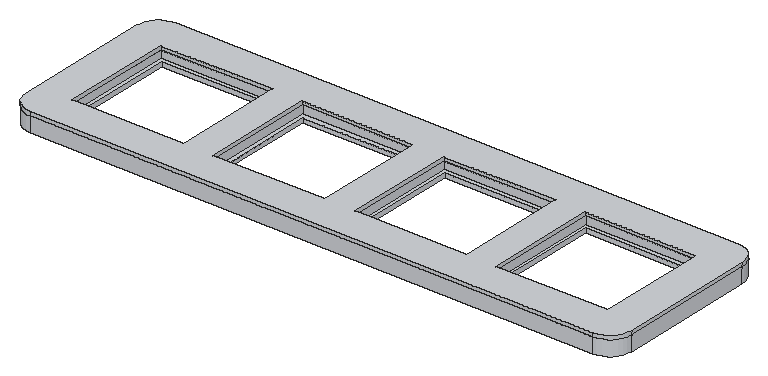
Revit family "Gira_0214410", category Electrical Fixtures, host Face, Revit 2017
Family settings
  Host = Face
  Maintain Annotation Orientation = No
  Round Connector Dimension = Use Diameter
  Part Type = Normal
  Cut with Voids When Loaded = No
  Shared = No
  Room Calculation Point = No
Parameters (values of type "Abdeckrahmen 4f Gira E3 Reinweiß/Reinweiß")
  Werkstoffgüte = "sonstige"
  Werkstoff = "sonstige"
  URL = "http://katalog.gira.de/de_DE/datenblatt.html?artikelnr=0214410"
  Transparent = "No"
  Textfeld/Beschriftungsfläche = "No"
  Schutzart (IP) = "IP20"
  Region = "DE"
  Oberfläche = "sonstige"
  Name = "Abdeckrahmen 4f Gira E3 Reinweiß/Reinweiß"
  Montagerichtung = "horizontal und vertikal"
  Mit Montagerahmen = "No"
  Mit Klappdeckel = "No"
  Manufacturer URL = "https://www.gira.de/"
  Keynote = "E3_Rahmen_4fach"
  HeinzeBIM = "https://bimportal.heinze.de/bim/abdeckrahmen-4f-gira-e3-reinweiss-reinweiss/a229ac8513172fbd7f0a29b68a1d8d6efa9cbac0"
  Halogenfrei = "Yes"
  HAN = "0214410"
  Geeignet für Unterputz-Installation = "Yes"
  Geeignet für Unterflurkanaldose = "No"
  Geeignet für Geräteeinbaukanal = "No"
  Geeignet für Einbauinstallation = "No"
  GTIN = "4010337023746"
  Farbe = "weiß"
  Default Elevation = 1219.2 mm
  Data sheet (1) = "https://katalog.gira.de/de_DE/download.html?artikelnr=0214410"
  Category = "Abdeckrahmen"
  Befestigungsart = "Klemmbefestigung"
  Available = "Yes"
  Anzahl der Einheiten vertikal = "4 "
  Anzahl der Einheiten horizontal = "4 "
  Anzahl der Einheiten = "4 "
Reference planes
  plane 1 "Center (Front/Back)": y = 0
  plane 2: z = 0
  plane 3 "Center (Left/Right)": x = 0
Forms (mm)
  Extrusion 1, solid, detail levels fine
    sketch origin (0, 0, 0) x (1, 0, 0) y (0, 1, 0)
      loop
        arc (-141.75, 45.809) -> (-149.535, 42.585) -> (-152.759, 34.8) r 11.009
        line (-152.759, 34.8) -> (-152.759, -34.8)
        arc (-152.759, -34.8) -> (-149.535, -42.585) -> (-141.75, -45.809) r 11.009
        line (-141.75, -45.809) -> (141.75, -45.809)
        arc (141.75, -45.809) -> (149.535, -42.585) -> (152.759, -34.8) r 11.009
        line (152.759, -34.8) -> (152.759, 34.8)
        arc (152.759, 34.8) -> (149.535, 42.585) -> (141.75, 45.809) r 11.009
        line (141.75, 45.809) -> (-141.75, 45.809)
      loop
        line (-78.85, 28.187) -> (-135.106, 28.187) -> (-135.106, -28.187) -> (-78.85, -28.187) -> (-78.85, 28.187)
      loop
        line (-63.95, 28.187) -> (-63.95, -28.187) -> (-7.695, -28.187) -> (-7.695, 28.187) -> (-63.95, 28.187)
      loop
        line (78.85, 28.187) -> (78.85, -28.187) -> (135.106, -28.187) -> (135.106, 28.187) -> (78.85, 28.187)
      loop
        line (63.95, 28.187) -> (7.695, 28.187) -> (7.695, -28.187) -> (63.95, -28.187) -> (63.95, 28.187)
    from 7.65 to 9.5
  Extrusion 2, solid, detail levels fine
    sketch origin (-107.15, 0, 0) x (1, 0, 0) y (0, 1, 0)
      loop
        line (26.1, 25.7) -> (-25.7, 25.7) -> (-25.7, -25.7) -> (26.1, -25.7) -> (26.1, 25.7)
      loop
        line (-28.187, -28.156) -> (28.187, -28.156) -> (28.187, 28.156) -> (-28.187, 28.156) -> (-28.187, -28.156)
    from 1.65 to 3.9
  Extrusion 3, solid, detail levels fine
    sketch origin (0, 0, 0) x (1, 0, 0) y (0, 1, 0)
      loop
        arc (-141.75, 45.809) -> (-149.535, 42.585) -> (-152.759, 34.8) r 11.009
        line (-152.759, 34.8) -> (-152.759, -34.8)
        arc (-152.759, -34.8) -> (-149.535, -42.585) -> (-141.75, -45.809) r 11.009
        line (-141.75, -45.809) -> (141.75, -45.809)
        arc (141.75, -45.809) -> (149.535, -42.585) -> (152.759, -34.8) r 11.009
        line (152.759, -34.8) -> (152.759, 34.8)
        arc (152.759, 34.8) -> (149.535, 42.585) -> (141.75, 45.809) r 11.009
        line (141.75, 45.809) -> (-141.75, 45.809)
      loop
        line (-150.793, 34.785) -> (-150.793, -34.785)
        arc (-150.793, -34.785) -> (-148.14, -41.19) -> (-141.735, -43.843) r 9.058
        line (-141.735, -43.843) -> (141.735, -43.843)
        arc (141.735, -43.843) -> (148.14, -41.19) -> (150.793, -34.785) r 9.058
        line (150.793, -34.785) -> (150.793, 34.785)
        arc (150.793, 34.785) -> (148.14, 41.19) -> (141.735, 43.843) r 9.058
        line (141.735, 43.843) -> (-141.735, 43.843)
        arc (-141.735, 43.843) -> (-148.14, 41.19) -> (-150.793, 34.785) r 9.058
    from 0 to 7.65
  Extrusion 4, solid, detail levels fine
    sketch origin (-35.75, 0, 0) x (1, 0, 0) y (0, 1, 0)
      loop
        line (-98.606, -31.075) -> (170.105, -31.075)
        arc (170.105, -31.075) -> (172.749, -29.98) -> (173.844, -27.337) r 3.739
        line (173.844, -27.337) -> (173.844, 27.337)
        arc (173.844, 27.337) -> (172.749, 29.98) -> (170.105, 31.075) r 3.739
        line (170.105, 31.075) -> (-98.606, 31.075)
        arc (-98.606, 31.075) -> (-101.249, 29.98) -> (-102.344, 27.337) r 3.739
        line (-102.344, 27.337) -> (-102.344, -27.337)
        arc (-102.344, -27.337) -> (-101.249, -29.98) -> (-98.606, -31.075) r 3.739
      loop
        line (-101.194, 27.537) -> (-101.194, -27.537)
        arc (-101.194, -27.537) -> (-100.495, -29.226) -> (-98.806, -29.925) r 2.389
        line (-98.806, -29.925) -> (170.305, -29.925)
        arc (170.305, -29.925) -> (171.994, -29.226) -> (172.694, -27.537) r 2.389
        line (172.694, -27.537) -> (172.694, 27.537)
        arc (172.694, 27.537) -> (171.994, 29.226) -> (170.305, 29.925) r 2.389
        line (170.305, 29.925) -> (-98.806, 29.925)
        arc (-98.806, 29.925) -> (-100.495, 29.226) -> (-101.194, 27.537) r 2.389
    from 1.65 to 7.65
  Extrusion 5, solid, detail levels fine
    sketch origin (0, 0, 0) x (1, 0, 0) y (0, 1, 0)
      loop
        line (-139.017, -39.8) -> (139.017, -39.8)
        arc (139.017, -39.8) -> (144.632, -36.708) -> (146.864, -30.7) r 9.2
        line (146.864, -30.7) -> (146.864, 30.7)
        arc (146.864, 30.7) -> (144.17, 37.205) -> (137.664, 39.9) r 9.2
        line (137.664, 39.9) -> (-137.664, 39.9)
        arc (-137.664, 39.9) -> (-144.17, 37.205) -> (-146.864, 30.7) r 9.2
        line (-146.864, 30.7) -> (-146.864, -30.7)
        arc (-146.864, -30.7) -> (-144.632, -36.708) -> (-139.017, -39.8) r 9.2
      loop
        line (-137.664, -31.7) -> (137.664, -31.7)
        arc (137.664, -31.7) -> (138.372, -31.407) -> (138.664, -30.7) r 1
        line (138.664, -30.7) -> (138.664, 30.7)
        arc (138.664, 30.7) -> (138.372, 31.407) -> (137.664, 31.7) r 1
        line (137.664, 31.7) -> (-137.664, 31.7)
        arc (-137.664, 31.7) -> (-138.372, 31.407) -> (-138.664, 30.7) r 1
        line (-138.664, 30.7) -> (-138.664, -30.7)
        arc (-138.664, -30.7) -> (-138.372, -31.407) -> (-137.664, -31.7) r 1
    from 1.65 to 3.9
  Extrusion 6, solid, detail levels fine
    sketch origin (-107.15, 0, 0) x (1, 0, 0) y (0, 1, 0)
      loop
        line (-28.187, 28.156) -> (-28.187, -28.156) -> (28.187, -28.156) -> (28.187, 28.156) -> (-28.187, 28.156)
      loop
        line (-29.925, 29.925) -> (-29.925, -29.925) -> (29.925, -29.925) -> (29.925, 29.925) -> (-29.925, 29.925)
    from 1.65 to 7.65
  Extrusion 7, solid, detail levels coarse+medium
    sketch origin (0, 0, 0) x (1, 0, 0) y (0, 1, 0)
      loop
        line (-152.759, 45.809) -> (-152.759, -45.809) -> (152.759, -45.809) -> (152.759, 45.809) -> (-152.759, 45.809)
    from 0 to 9.5
  Extrusion 8, solid, detail levels fine
    sketch origin (-35.65, 0, 0) x (-1, 0, 0) y (0, -1, 0)
      loop
        line (25.9, -25.7) -> (25.9, 25.7) -> (-25.9, 25.7) -> (-25.9, -25.7) -> (25.9, -25.7)
      loop
        line (-28.187, 28.156) -> (-28.187, -28.156) -> (28.187, -28.156) -> (28.187, 28.156) -> (-28.187, 28.156)
    from 1.65 to 3.9
  Extrusion 9, solid, detail levels fine
    sketch origin (-35.65, 0, 0) x (-1, 0, 0) y (0, -1, 0)
      loop
        line (-28.187, -28.156) -> (28.187, -28.156) -> (28.187, 28.156) -> (-28.187, 28.156) -> (-28.187, -28.156)
      loop
        line (-29.925, -29.925) -> (29.925, -29.925) -> (29.925, 29.925) -> (-29.925, 29.925) -> (-29.925, -29.925)
    from 1.65 to 7.65
  Extrusion 10, solid, detail levels fine
    sketch origin (35.85, 0, 0) x (-1, 0, 0) y (0, -1, 0)
      loop
        line (26.1, -25.7) -> (26.1, 25.7) -> (-25.7, 25.7) -> (-25.7, -25.7) -> (26.1, -25.7)
      loop
        line (-28.187, 28.156) -> (-28.187, -28.156) -> (28.187, -28.156) -> (28.187, 28.156) -> (-28.187, 28.156)
    from 1.65 to 3.9
  Extrusion 11, solid, detail levels fine
    sketch origin (35.85, 0, 0) x (-1, 0, 0) y (0, -1, 0)
      loop
        line (-28.187, -28.156) -> (28.187, -28.156) -> (28.187, 28.156) -> (-28.187, 28.156) -> (-28.187, -28.156)
      loop
        line (-29.925, -29.925) -> (29.925, -29.925) -> (29.925, 29.925) -> (-29.925, 29.925) -> (-29.925, -29.925)
    from 1.65 to 7.65
  Extrusion 12, solid, detail levels fine
    sketch origin (107.15, 0, 0) x (-1, 0, 0) y (0, -1, 0)
      loop
        line (26.1, -25.7) -> (26.1, 25.7) -> (-25.7, 25.7) -> (-25.7, -25.7) -> (26.1, -25.7)
      loop
        line (-28.187, 28.156) -> (-28.187, -28.156) -> (28.187, -28.156) -> (28.187, 28.156) -> (-28.187, 28.156)
    from 1.65 to 3.9
  Extrusion 13, solid, detail levels fine
    sketch origin (107.15, 0, 0) x (-1, 0, 0) y (0, -1, 0)
      loop
        line (-28.187, -28.156) -> (28.187, -28.156) -> (28.187, 28.156) -> (-28.187, 28.156) -> (-28.187, -28.156)
      loop
        line (-29.925, -29.925) -> (29.925, -29.925) -> (29.925, 29.925) -> (-29.925, 29.925) -> (-29.925, -29.925)
    from 1.65 to 7.65
Dimensions and locks
  aligned and locked: plane 2 to host face
  aligned and locked: level to host face
